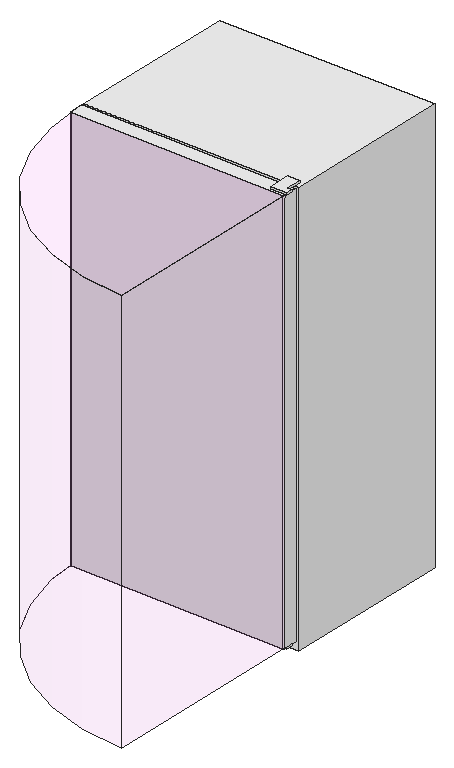
Revit family "QF_Summit_UF18W_Convertible_Frost_Free_Freezer", category Specialty Equipment, Revit 2020
Family settings
  Round Connector Dimension = Use Diameter
  Part Type = Normal
  Work Plane-Based = No
  Always vertical = Yes
  Cut with Voids When Loaded = No
  Shared = No
  Room Calculation Point = No
Parameters
  Weight in Pounds = 217
  Watts = Volts * FL Amps  # 207 W
  Volts = 115 V
  URL Cutsheet = ""
  Specification by User = ""
  Specification by Manufacturer = ""
  Show Clearance [instance] = yes
  Serial Number = ""
  Seismic Rating = ""
  SMACNA No = ""
  Revision Code = ""
  Refrigerant Volume = 0.00 kip
  Refrigerant Type = "R600a"
  Phase = 1
  Number of Poles = 1
  NAFEM Spec ID Number = ""
  Model = "UF18W"
  Min Ckt Ampacity = 0 A
  Max Overcurrent Protection = 0 A
  Masterspec = ""
  Manufacturer = "Summit"
  Length = 32 3/4"
  Item Number = ""
  Installed By = ""
  Identify Quantity as Lot = yes
  Height = 64"
  HP = ""
  Furnished By = ""
  Foodservice Equipment Identifier = yes
  FL Amps = 1.8 A
  Electrical Remarks = ""
  Electric Connection Type = ""
  Elec Conn RI Height = 0"
  Elec Conn Connection Height = 0"
  Description = "Convertible Frost Free Refrigerator/Freezer"
  Depth = 29 1/4"
  Default Elevation = 0"
  Cycle = 60 Hz
  Conn Plug = ""
  Conn Conduit = yes
  CSI MasterFormat = ""
  BTUH = 0.0 Btu/h
  Apparent Power = 0 VA
Reference planes (in)
  plane 1 "BACK": y = 0
  plane 2: z = 0
  plane 3 "LEFT": x = 0
  plane 4 "RIGHT": x = 32.75
  plane 5 "FRONT": y = -29.25
  plane 6 "TOP": z = 64
  plane 7 "Center Y": x = 16.375
  plane 8 "Center X": y = -14.625
Dimensions and locks (in)
  equal spacing: plane 3 "LEFT", plane 7 "Center Y", plane 4 "RIGHT"
  "Length": plane 3 "LEFT" to plane 4 "RIGHT"
  equal spacing: plane 5 "FRONT", plane 8 "Center X", plane 1 "BACK"
  "Depth": plane 5 "FRONT" to plane 1 "BACK"
  "Height": plane 6 "TOP" to level
  aligned and locked: level to plane 2
Nested families (in)
  nested 1: "UF18W" at (0, 0, 0), Show Clearance <- "Show Clearance", type "UF18W"
    with Show Clearance yes
Connectors (in)
  electrical at (25.7034, 0.03125, 1.24437), driven by "Volts", driven by "Watts"
    settings: on nested 1, index 1, voltage 115 V, apparent load 207 VA, apparent load phase1 0 VA, apparent load phase2 0 VA, apparent load phase3 0 VA, power factor 1, load classification "Other", number of poles 1, system type 30, power factor state 1, is connector primary yes, connector utility no, sub classification motor no, connector description "ELECTRICAL CONNECTION"
Definition of nested family "UF18W"
  Parameters (values of type "UF18W")
    Weight in Pounds = 0
    URL Cutsheet = ""
    Specification by User = ""
    Specification by Manufacturer = ""
    Show Clearance [instance] = yes
    Serial Number = ""
    Seismic Rating = ""
    SMACNA No = ""
    Revision Code = ""
    NAFEM Spec ID Number = ""
    Masterspec = ""
    Length = 32 3/4"
    Item Number = ""
    Installed By = ""
    Identify Quantity as Lot = yes
    Height = 64"
    Furnished By = ""
    Foodservice Equipment Identifier = yes
    Depth = 29 1/4"
    Default Elevation = 0"
    CSI MasterFormat = ""
  Reference planes (in)
    plane 1 "BACK": y = 0
    plane 2: z = 0
    plane 3 "LEFT": x = 0
    plane 4 "RIGHT": x = 32.75
    plane 5 "FRONT": y = -29.25
    plane 6 "TOP": z = 64
    plane 7 "Center Y": x = 16.375
    plane 8 "Center X": y = -14.625
    plane 9: y = -59.75
    plane 10: z = 0.4892
    plane 11: z = 2
    plane 12: z = 60.7446
    plane 13: z = 3.7446
    plane 14: z = 2.64582
  Forms (in)
    Extrusion 1, solid
      sketch origin (-1.43253, -180, 0.4892) x (-1, 0, 0) y (0, -1, 0)
        loop
          line (-1.43253, -180) -> (-1.43253, -154) -> (-34.18253, -154) -> (-34.18253, -180) -> (-1.43253, -180)
      from 0 to 63.5108
    Extrusion 2, solid
      sketch origin (-6.06521, -180, 2) x (-1, 0, 0) y (0, -1, 0)
        loop
          line (-6.06521, -153.5) -> (-6.06521, -151.48529)
          arc (-6.06521, -151.48529) -> (-6.1332, -151.31391) -> (-6.30018, -151.23574) r 0.25
          arc (-6.30018, -151.23574) -> (-22.44021, -150.75) -> (-38.58025, -151.23574) r 268.39062
          arc (-38.58025, -151.23574) -> (-38.74723, -151.31391) -> (-38.81521, -151.48529) r 0.25
          line (-38.81521, -151.48529) -> (-38.81521, -153.5) -> (-6.06521, -153.5)
      from 0 to 62
    Extrusion 3, solid
      sketch origin (-3.6555, -180, 2.64582) x (-1, 0, 0) y (0, -1, 0)
        loop
          line (-4.03266, -154) -> (-4.03266, -153.5) -> (-36.0266, -153.5) -> (-36.0266, -154) -> (-4.03266, -154)
      from 0 to 60.60418
    Extrusion 4, void
      sketch origin (-0.81355, -28.29671, 48) x (1, 0, 0) y (0, 0, 1)
        loop
          line (0.81355, -0.47951) -> (0.81355, -10.97951) -> (2.56355, -10.97951) -> (2.56355, -0.47951) -> (0.81355, -0.47951)
      from 0 to -1.25341
    Revolve 5, solid
      sketch origin (0, -22, 0) x (1, 0, 0) y (0, 0, 1)
        loop
          line (1.75, 0.4892) -> (1.75, 0) -> (2.25, 0) -> (2.25, 0.4892) -> (1.75, 0.4892)
        axis (1.75, 0.4892) -> (1.75, 0)
      angle from 0 to 360
    Revolve 6, solid
      sketch origin (32.75, -22, 0) x (-1, 0, 0) y (0, 0, 1)
        loop
          line (1.75, 0.4892) -> (1.75, 0) -> (2.25, 0) -> (2.25, 0.4892) -> (1.75, 0.4892)
        axis (1.75, 0.4892) -> (1.75, 0)
      angle from 0 to 360
    Revolve 7, solid
      sketch origin (0, -4, 0) x (1, 0, 0) y (0, 0, 1)
        loop
          line (1.75, 0.4892) -> (1.75, 0) -> (2.25, 0) -> (2.25, 0.4892) -> (1.75, 0.4892)
        axis (1.75, 0.4892) -> (1.75, 0)
      angle from 0 to 360
    Revolve 8, solid
      sketch origin (32.75, -4, 0) x (-1, 0, 0) y (0, 0, 1)
        loop
          line (1.75, 0.4892) -> (1.75, 0) -> (2.25, 0) -> (2.25, 0.4892) -> (1.75, 0.4892)
        axis (1.75, 0.4892) -> (1.75, 0)
      angle from 0 to 360
    Extrusion 9, solid
      sketch origin (0, 0, 0.4892) x (1, 0, 0) y (0, 0, -1)
        loop
          circle (25.7034, -0.75517) r 0.25
      from 0 to 0.03125
    Extrusion 10, solid
      sketch origin (-1.43253, -180, 64) x (-1, 0, 0) y (0, -1, 0)
        loop
          line (-31.68253, -155.05462) -> (-31.68253, -151.75) -> (-34.18253, -151.75) -> (-34.18253, -152.75) -> (-33.56041, -152.75) -> (-33.56041, -155.05462) -> (-31.68253, -155.05462)
      from 0 to 0.25
    Extrusion 11, solid
      sketch origin (-6.06521, -180, 2) x (0, -1, 0) y (-1, 0, 0)
        loop
          line (-155.05462, -36.31521) -> (-155.05462, -38.19308) -> (-152.75, -38.19308) -> (-152.75, -38.81521) -> (-151.75, -38.81521) -> (-151.75, -36.31521) -> (-155.05462, -36.31521)
      from 0 to 0.25
    Extrusion 12, solid, visible <- "Show Clearance"
      sketch origin (-6.06521, -180, 2) x (0, -1, 0) y (-1, 0, 0)
        loop
          line (-153.5, -38.81521) -> (-120.25, -38.81521)
          arc (-120.25, -38.81521) -> (-130.01835, -15.47888) -> (-153.5, -6.06521) r 32.75
          line (-153.5, -6.06521) -> (-153.5, -38.81521)
      from 0 to -62
  Cuts and joins
    Extrusion 4 cuts Extrusion 1
    joined: Extrusion 1, Extrusion 10, Extrusion 11
    Extrusion 4 cuts Extrusion 2
  Lines and regions (in)
    symbolic lines, visible <- "Show Clearance"
      curve 1: arc (4.17076, -43.00023, 0) -> (0.99481, -35.02578, 0) -> (0, -26.5, 0) r 32.75
      curve 2: line (32.75, -26.5, 0) -> (4.17076, -43.00023, 0)
    symbolic lines
      curve 3: arc (0.23497, -28.76426, 0) -> (16.375, -29.25, 0) -> (32.51503, -28.76426, 0) r 268.39062
      curve 4: line (32.75, -28.51471, 0) -> (32.75, -26.5, 0)
      curve 5: arc (32.51503, -28.76426, 0) -> (32.68201, -28.68609, 0) -> (32.75, -28.51471, 0) r 0.25
      curve 6: line (30.25, -28.25, 0) -> (32.75, -28.25, 0)
      curve 7: line (32.75, -27.25, 0) -> (32.12787, -27.25, 0)
      curve 8: line (32.12787, -27.25, 0) -> (32.12787, -24.94538, 0)
      curve 9: line (30.25, -24.94538, 0) -> (30.25, -28.25, 0)
      curve 10: line (32.37109, -26.5, 0) -> (32.37109, -26, 0)
      curve 11: line (32.75, -26.5, 0) -> (32.12787, -26.5, 0)
      curve 12: line (0, -26, 0) -> (30.25, -26, 0)
      curve 13: line (32.12787, -24.94538, 0) -> (30.25, -24.94538, 0)
      curve 14: line (32.75, -26, 0) -> (32.75, 0, 0)
      curve 15: line (0, 0, 0) -> (0, -26, 0)
      curve 16: line (0.37716, -26, 0) -> (0.37716, -26.5, 0)
      curve 17: line (0, -26.5, 0) -> (0, -28.51471, 0)
      curve 18: arc (0, -28.51471, 0) -> (0.06799, -28.68609, 0) -> (0.23497, -28.76426, 0) r 0.25
      curve 19: line (32.75, 0, 0) -> (0, 0, 0)
      curve 20: line (30.25, -26.5, 0) -> (0, -26.5, 0)
      curve 21: line (32.12787, -26, 0) -> (32.75, -26, 0)
  Dimensions and locks (in)
    equal spacing: plane 3 "LEFT", plane 7 "Center Y", plane 4 "RIGHT"
    "Length": plane 3 "LEFT" to plane 4 "RIGHT"
    equal spacing: plane 5 "FRONT", plane 8 "Center X", plane 1 "BACK"
    "Depth": plane 5 "FRONT" to plane 1 "BACK"
    "Height": plane 6 "TOP" to level
    plane 1 "BACK" to plane 9 = 59 3/4"
    plane 10 to plane 2 = 0.4892"
    plane 6 "TOP" to plane 11 = 62"
    plane 12 to plane 13 = 57"
    aligned and locked: level to plane 2
  Automatic sketch dimensions
    plane 1 "BACK" to Extrusion 1 sketch curve = 0"
    Extrusion 1 sketch curve to plane 4 "RIGHT" = 0"
    Extrusion 1 sketch curve to plane 3 "LEFT" = 0"
    Extrusion 2 sketch curve to plane 4 "RIGHT" = 0"
    Extrusion 2 sketch curve to plane 7 "Center Y" = 0"
    Extrusion 2 sketch curve to plane 3 "LEFT" = 0"
    Extrusion 2 sketch curve to Extrusion 2 sketch curve = 1/4"  (x2)
    Extrusion 2 sketch curve to plane 1 "BACK" = 239 9/64"
    Extrusion 2 sketch curve to plane 5 "FRONT" = 0.73529"  (x2)
    Extrusion 2 sketch curve to Extrusion 2 sketch curve = 0"
    plane 4 "RIGHT" to Extrusion 3 sketch curve = 97/256"
    plane 3 "LEFT" to Extrusion 3 sketch curve = 0.37716"
    Extrusion 4 sketch curve to plane 3 "LEFT" = 0"
    plane 3 "LEFT" to Extrusion 4 sketch curve = 1 3/4"
    Extrusion 4 sketch curve to plane 12 = 23.72411"
    Extrusion 4 sketch curve to Extrusion 4 sketch curve = 10 1/2"
    Revolve 5 sketch curve to plane 10 = 0"  (x2)
    Revolve 5 sketch curve to level = 0"
    plane 3 "LEFT" to Revolve 5 sketch curve = 1 3/4"
    Revolve 5 sketch curve to Revolve 5 sketch curve = 1/2"
    Revolve 5 sketch curve to Revolve 5 sketch curve = 0"
    Revolve 5 sketch curve to plane 10 = 0.15105"
    Revolve 6 sketch curve to plane 10 = 0"  (x2)
    Revolve 6 sketch curve to level = 0"
    Revolve 6 sketch curve to plane 4 "RIGHT" = 1 3/4"
    Revolve 6 sketch curve to Revolve 6 sketch curve = 1/2"
    Revolve 6 sketch curve to Revolve 6 sketch curve = 0"
    plane 10 to Revolve 6 sketch curve = 0.15105"
    Revolve 7 sketch curve to plane 10 = 0"  (x2)
    Revolve 7 sketch curve to level = 0"
    plane 3 "LEFT" to Revolve 7 sketch curve = 1 3/4"
    Revolve 7 sketch curve to Revolve 7 sketch curve = 1/2"
    Revolve 7 sketch curve to Revolve 7 sketch curve = 0"
    Revolve 7 sketch curve to plane 10 = 0.15105"
    Revolve 8 sketch curve to plane 10 = 0"  (x2)
    Revolve 8 sketch curve to level = 0"
    Revolve 8 sketch curve to plane 4 "RIGHT" = 1 3/4"
    Revolve 8 sketch curve to Revolve 8 sketch curve = 1/2"
    Revolve 8 sketch curve to Revolve 8 sketch curve = 0"
    plane 10 to Revolve 8 sketch curve = 0.15105"
    Extrusion 1 to Extrusion 9 sketch curve = 0.75517"
    Extrusion 9 sketch curve to Extrusion 1 = 7.0466"
    Extrusion 10 sketch curve to Extrusion 1 = 0"
    Extrusion 10 sketch curve to Extrusion 1 = 0.62213"
    Extrusion 10 sketch curve to Extrusion 10 sketch curve = 1.87787"
    Extrusion 10 sketch curve to Extrusion 1 = 1.05462"
    Extrusion 1 to Extrusion 10 sketch curve = 1 1/4"
    Extrusion 10 sketch curve to Extrusion 10 sketch curve = 1"
    Extrusion 11 sketch curve to Extrusion 2 = 0"
    Extrusion 2 to Extrusion 11 sketch curve = 0.62213"
    Extrusion 11 sketch curve to Extrusion 11 sketch curve = 1.87787"
    Extrusion 11 sketch curve to Extrusion 2 = 1.55462"
    Extrusion 2 to Extrusion 11 sketch curve = 3/4"
    Extrusion 2 to Extrusion 11 sketch curve = 1 3/4"
    Extrusion 12 sketch curve to Extrusion 2 = 0"  (x3)
    Extrusion 2 to Extrusion 12 sketch curve = 0.00382"
    Extrusion 2 to Extrusion 12 sketch curve = 1/2"
    Extrusion 1 sketch curve to plane 5 "FRONT" = 3 1/4"
    Extrusion 2 sketch curve to Extrusion 2 sketch curve = 2.01471"
    Extrusion 3 sketch curve to plane 5 "FRONT" = 3 1/4"
    Extrusion 3 sketch curve to Extrusion 3 sketch curve = 1/2"
    plane 1 "BACK" to curve 15 = 0"
    curve 15 to plane 3 "LEFT" = 0"
    curve 1 to plane 3 "LEFT" = 0"
    curve 3 to plane 7 "Center Y" = 0"
    curve 6 to plane 4 "RIGHT" = 0"
    curve 19 to plane 4 "RIGHT" = 0"
    curve 18 to curve 18 = 1/4"
    plane 3 "LEFT" to curve 2 = 4.17076"
    plane 4 "RIGHT" to curve 9 = 2 1/2"
    plane 4 "RIGHT" to curve 8 = 0.62213"
    curve 5 to curve 5 = 1/4"
    plane 4 "RIGHT" to curve 1 = 0.00382"
    curve 13 to plane 5 "FRONT" = 4.30462"
    curve 21 to curve 8 = 1.05462"
    curve 12 to plane 5 "FRONT" = 3 1/4"
    curve 17 to curve 12 = 1/2"
    curve 4 to curve 14 = 1/2"
    curve 1 to curve 2 = 1/2"
    curve 8 to curve 1 = 1/4"
    curve 6 to plane 5 "FRONT" = 1"
    curve 5 to curve 6 = 0.26471"
    curve 17 to plane 5 "FRONT" = 0.73529"
    curve 3 to plane 1 "BACK" = 239 9/64"
    curve 3 to curve 18 = 0"
    curve 1 to curve 16 = 0.37716"
    curve 21 to curve 10 = 0.24322"
    radius of Extrusion 9 sketch curve = 1/4"
